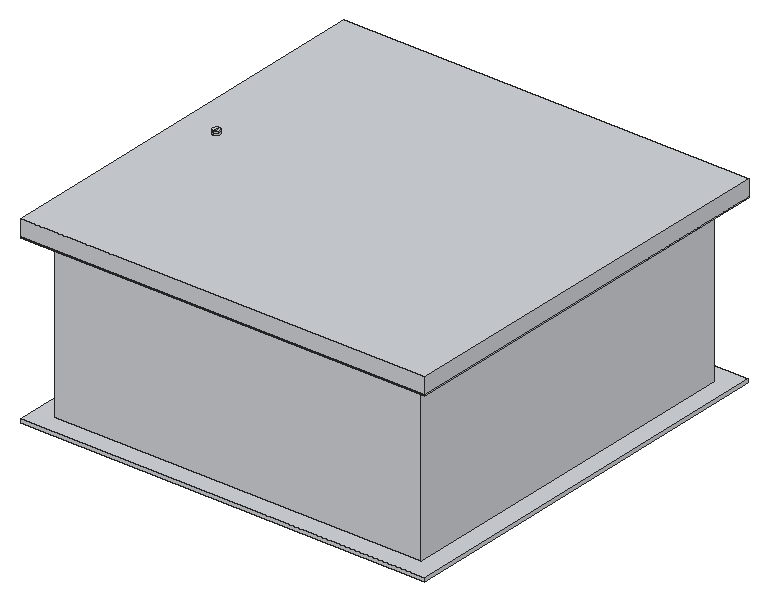
Revit family "RHA, RHG", category Generic Models, host Face, Revit 2018
Family settings
  Host = Face
  Can host rebar = No
  Round Connector Dimension = Use Diameter
  Part Type = Normal
  Cut with Voids When Loaded = No
  Shared = No
  Room Calculation Point = No
Parameters (values of type "RHA, RHG-24"x24"")
  Width = 2' - 0"
  URL = "WWW.MIFAB.COM"
  Model = "RHA, RHG"
  Material = none
  Manufacturer = "MIFAB"
  Height = 2' - 0"
  Description = "ROOF HATCH"
  Default Elevation = 4' - 0"
Types (11): name | Width | Height
  (no name) | 2' - 0" | 2' - 0"
  RHA, RHG-24"x24" | 2' - 0" | 2' - 0"
  RHA, RHG-24"x30" | 2' - 0" | 2' - 6"
  RHA, RHG-24"x36" | 2' - 0" | 3' - 0"
  RHA, RHG-30"x30" | 2' - 6" | 2' - 6"
  RHA, RHG-30"x36" | 2' - 6" | 3' - 0"
  RHA, RHG-30"x54" | 2' - 6" | 4' - 6"
  RHA, RHG-30"x96" | 2' - 6" | 4' - 6"
  RHA, RHG-36"x36" | 3' - 0" | 3' - 0"
  RHA, RHG-36"x48" | 3' - 0" | 4' - 0"
  RHA, RHG-48"x48" | 4' - 0" | 4' - 0"
Reference planes (in)
  plane 1 "Center (Front/Back)": y = 0
  plane 2: z = 0
  plane 3 "Center (Left/Right)": x = 0
  plane 4: x = -12
  plane 5: x = 12
  plane 6: y = 12
  plane 7: y = -12
  plane 8: x = -13.25
  plane 9: x = 13.25
  plane 10: y = -13.25
  plane 11: y = 13.25
  plane 12: z = 12
  plane 13: z = 0.23622
  plane 14: z = 11
Forms (in)
  Extrusion 1, solid, material <- "Material"
    sketch origin (0, 0, 0) x (1, 0, 0) y (0, 1, 0)
      loop
        line (-12, 12) -> (-12, -12) -> (12, -12) -> (12, 12) -> (-12, 12)
      loop
        line (-13.25, 13.25) -> (-13.25, -13.25) -> (13.25, -13.25) -> (13.25, 13.25) -> (-13.25, 13.25)
    from 0 to 0.23622
  Extrusion 2, solid, material <- "Material"
    sketch origin (0, 0, 0) x (1, 0, 0) y (0, 1, 0)
      loop
        line (-12, 12) -> (-12, -12) -> (12, -12) -> (12, 12) -> (-12, 12)
      loop
        line (-11.52734, 11.52734) -> (-11.52734, -11.52734) -> (11.52734, -11.52734) -> (11.52734, 11.52734) -> (-11.52734, 11.52734)
    from 0 to 11
  Sweep 3, solid, material <- "Material"
    path origin (0, 0, 0) x (1, 0, 0) y (0, 1, 0)
      loop
        line (12, 12) -> (-12, 12) -> (-12, -12) -> (12, -12) -> (12, 12)
    profile origin (12, 0, 0) x (1, 0, 0) y (0, 0, 1)
      loop
        line (0, 11.35036) -> (0, 10.88189) -> (1.25, 10.88189) -> (1.25, 10.94094) -> (1, 10.94094) -> (1, 11.35036) -> (0, 11.35036)
  Sweep 4, solid, material <- "Material"
    path origin (0, 0, 0) x (1, 0, 0) y (0, 1, 0)
      loop
        line (12, 12) -> (-12, 12) -> (-12, -12) -> (12, -12) -> (12, 12)
    profile origin (12, 0, 0) x (1, 0, 0) y (0, 0, 1)
      loop
        line (1.25, 12) -> (0, 12) -> (0, 11.76378) -> (1, 11.76378) -> (1, 10.94094) -> (1.25, 10.94094) -> (1.25, 12)
  Extrusion 5, solid, material <- "Material"
    sketch origin (0, 0, 0) x (1, 0, 0) y (0, 1, 0)
      loop
        line (-12, 12) -> (-12, -12) -> (12, -12) -> (12, 12) -> (-12, 12)
    from 11.76378 to 12
Cuts and joins
  joined: Extrusion 2, Sweep 3
  joined: Sweep 4, Extrusion 5
Dimensions and locks (in)
  equal spacing: plane 4, plane 3 "Center (Left/Right)", plane 5
  "Width": plane 4 to plane 5
  equal spacing: plane 7, plane 1 "Center (Front/Back)", plane 6
  "Height": plane 7 to plane 6
  locked: plane 8 to plane 4 at 1.25
  locked: plane 5 to plane 9 at 1.25
  locked: plane 11 to plane 6 at 1.25
  locked: plane 7 to plane 10 at 1.25
  locked: plane 12 to plane 2 at 12
  locked: plane 13 to plane 2 at 0.23622
  locked: Extrusion 2 sketch curve to plane 5 at 0.47266
  locked: plane 4 to Extrusion 2 sketch curve at 0.47266
  locked: plane 7 to Extrusion 2 sketch curve at 0.47266
  locked: plane 6 to Extrusion 2 sketch curve at 0.47266
  plane 12 to plane 14 = 0' - 1"
  locked: Sweep 3 sketch curve to plane 9 at 0.25
  locked: plane 12 to Sweep 3 sketch curve at 0.64964
  locked: plane 4 to nested 1 at 1
  aligned and locked: plane 2 to host face
  aligned and locked: level to host face
  aligned and locked: Extrusion 1 sketch curve to plane 6
  aligned and locked: plane 4 to Extrusion 1 sketch curve
  aligned and locked: Extrusion 1 sketch curve to plane 7
  aligned and locked: plane 5 to Extrusion 1 sketch curve
  aligned and locked: plane 11 to Extrusion 1 sketch curve
  aligned and locked: plane 8 to Extrusion 1 sketch curve
  aligned and locked: plane 10 to Extrusion 1 sketch curve
  aligned and locked: plane 9 to Extrusion 1 sketch curve
  aligned and locked: Extrusion 1 to plane 2
  aligned and locked: Extrusion 1 to plane 13
  aligned and locked: Extrusion 2 sketch curve to Extrusion 1  (x4)
  aligned and locked: Extrusion 2 to level
  aligned and locked: plane 5 to Sweep 3 sketch curve
  aligned and locked: Sweep 3 sketch curve to plane 6
  aligned and locked: Sweep 3 sketch curve to plane 4
  aligned and locked: plane 7 to Sweep 3 sketch curve
  aligned and locked: Sweep 3 sketch curve to plane 5
  aligned and locked: plane 14 to Extrusion 2
  aligned and locked: plane 5 to Sweep 4 sketch curve  (x2)
  aligned and locked: Sweep 4 sketch curve to plane 6
  aligned and locked: Sweep 4 sketch curve to plane 4
  aligned and locked: plane 7 to Sweep 4 sketch curve
  aligned and locked: plane 9 to Sweep 4 sketch curve
  aligned and locked: Sweep 4 sketch curve to plane 12
  aligned and locked: Sweep 4 sketch curve to cut or joined group of Extrusion 2, Sweep 3  (x2)
  aligned and locked: Extrusion 5 sketch curve to plane 4
  aligned and locked: Extrusion 5 sketch curve to plane 6
  aligned and locked: plane 5 to Extrusion 5 sketch curve
  aligned and locked: plane 7 to Extrusion 5 sketch curve
  aligned and locked: Sweep 4 to Extrusion 5
  aligned and locked: plane 12 to Extrusion 5
  aligned and locked: plane 1 "Center (Front/Back)" to nested 1
Automatic sketch dimensions
  host sketch curve to host sketch curve = 8' - 0"  (x2)
  Sweep 3 sketch curve to Sweep 3 sketch curve = 0' - 0 1/4"
  Sweep 3 sketch curve to Sweep 3 sketch curve = 0' - 0.05906"
  Sweep 3 sketch curve to Sweep 3 sketch curve = 0' - 0.40942"
  Sweep 4 sketch curve to Sweep 4 sketch curve = 0' - 0.23622"
Nested families (in)
  nested 1: "Handle-1" at (-11, 0, 12) x (0, -1, 0) z (0, 0, 1), type "Handle-1"
Definition of nested family "Handle-1"
  Parameters (values of type "Handle-1")
    Material = none
    Default Elevation = 4' - 0"
  Reference planes (in)
    plane 1 "Center (Front/Back)": y = 0
    plane 2: z = 0
    plane 3 "Center (Left/Right)": x = 0
    plane 4: z = 0.46152
  Forms (in)
    Extrusion 1, solid
      sketch origin (0, 0, 0) x (1, 0, 0) y (0, 1, 0)
        loop
          line (-48, 48) -> (-48, -48) -> (48, -48) -> (48, 48) -> (-48, 48)
      from 0 to -12
    Revolve 2, solid
      sketch origin (0, 0, 0) x (1, 0, 0) y (0, 0, 1)
        loop
          line (0, 0) -> (0.25, 0) -> (0.25, 0.12907)
          arc (0.25, 0.12907) -> (0.24341, 0.14499) -> (0.22749, 0.15158) r 0.02251
          line (0.22749, 0.15158) -> (0, 0.15158) -> (0, 0)
        axis (0, 0) -> (0, 0.15158)
      angle from 0 to 360
    Extrusion 3, solid
      sketch origin (-3.78692, 0, -0.49918) x (1, 0, 0) y (0, 1, 0)
        loop
          circle (3.78692, 0) r 0.25
        loop
          line (3.70895, 0.01538) -> (3.70895, -0.01537) -> (3.86488, -0.01537) -> (3.86488, 0.01538) -> (3.70895, 0.01538)
      from 0.64964 to 0.6877
  Dimensions and locks (in)
    aligned and locked: plane 2 to Extrusion 1
    aligned and locked: level to Extrusion 1
